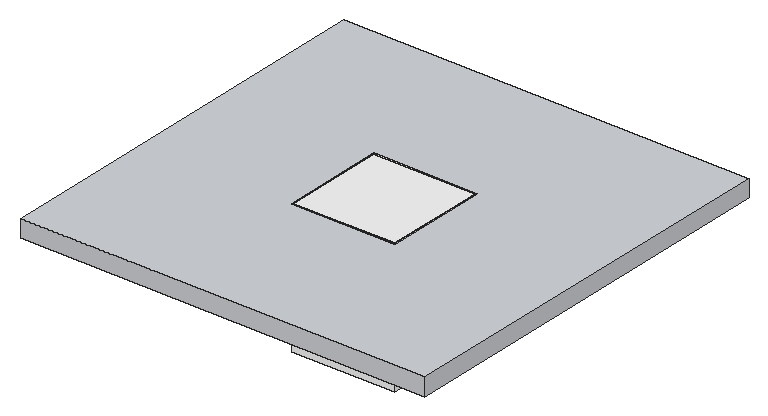
Revit family
Parameters (values of type "F1570A")
  WFU = 0
  URL = "WWW.MIFAB.COM"
  Top Width = 24.000"
  Top Length = 24.000"
  Pipe Radius = 1.000"
  Pipe Diameter = Pipe Radius * 2  # 2.000"
  Model = "F1570"
  Manufacturer = "MIFAB"
  Floor Drain Material = Paint - Sherwin Williams Paint - #952C2A - Bellwood Red
  Description = "24\" x 24\" HEAVY DUTY PARKING AREA CATCH BASIN"
  Default Elevation = 0.000"
  Body Height = 18.000"
  Assembly Code = ""
Types (6): name | Pipe Radius | Pipe Diameter | Body Height
  (no name) | 1.000" | 2.000" | 18.000"
  F1570A | 1.000" | 2.000" | 18.000"
  F1570B | 1.500" | 3.000" | 24.000"
  F1570C | 2.000" | 4.000" | 30.000"
  F1570D | 3.000" | 6.000" | 36.000"
  F1570E | 3.000" | 6.000" | 36.000"
Reference planes (in)
  plane 1 "Center (Front/Back)": y = 0
  plane 2: z = 0
  plane 3 "Center (Left/Right)": x = 0
  plane 4: z = -2
  plane 5: z = -1
  plane 6: z = -13.5
  plane 7: z = -31.5
  plane 8: x = -12
  plane 9: x = 12
  plane 10: y = 12
  plane 11: y = -12
  plane 12: z = -12.5
  plane 13: z = -1.5
Forms (in)
  Extrusion 1, solid
    sketch origin (0, 0, 0) x (1, 0, 0) y (0, 1, 0)
      loop
        line (-48, 48) -> (-48, -48) -> (48, -48) -> (48, 48) -> (-48, 48)
    from 0 to -4.1699
  Sweep 2, solid, material "Paint - Sherwin Williams Paint - #952C2A - Bellwood Red" <- "Floor Drain Material"
    path origin (0, 0, 0) x (1, 0, 0) y (0, 1, 0)
      loop
        line (-12, 12) -> (-12, -12) -> (12, -12) -> (12, 12) -> (-12, 12)
    profile origin (-12, 0, 0) x (-1, 0, 0) y (0, 0, 1)
      loop
        line (0.125, 0) -> (0.125, -1.5) -> (-0.875, -1.5) -> (-0.875, -1.625) -> (0, -1.625) -> (0, -2.5) -> (0.125, -2.5) -> (0.125, -31.5) -> (0.25, -31.5) -> (0.25, -4) -> (0.375, -4) -> (0.375, -2.125) -> (2.25, -2.125) -> (2.25, -2) -> (0.25, -2) -> (0.25, 0) -> (0.125, 0)
  Extrusion 3, solid, material "Paint - Sherwin Williams Paint - #952C2A - Bellwood Red" <- "Floor Drain Material"
    sketch origin (0, 0, 0) x (1, 0, 0) y (0, 1, 0)
      loop
        line (-12, 12) -> (-12, -12) -> (12, -12) -> (12, 12) -> (-12, 12)
    from -1.5 to 0
  Extrusion 4, solid, material "Paint - Sherwin Williams Paint - #952C2A - Bellwood Red" <- "Floor Drain Material"
    sketch origin (-5.8, -180, -31.5) x (-1, 0, 0) y (0, -1, 0)
      loop
        line (6.325, -192.125) -> (6.325, -167.875) -> (-17.925, -167.875) -> (-17.925, -192.125) -> (6.325, -192.125)
    from 0 to 0.125
  Revolve 5, solid, material "Paint - Sherwin Williams Paint - #952C2A - Bellwood Red" <- "Floor Drain Material"
    sketch origin (0, 0, 0) x (1, 0, 0) y (0, 0, 1)
      loop
        line (-13.2, -12.5) -> (-12.25, -12.5) -> (-12.25, -12.3) -> (-13.2, -12.3) -> (-13.2, -12.5)
      loop
        line (13.2, -12.5) -> (13.2, -12.3) -> (12.25, -12.3) -> (12.25, -12.5) -> (13.2, -12.5)
      axis (-13.2, -13.5) -> (13.2, -13.5)
    angle from 0 to 360
Cuts and joins
  joined: Sweep 2, Extrusion 4, Revolve 5
Lines and regions (in)
  symbolic lines
    curve 1: line (-12.25, 12.25, 0) -> (12.25, 12.25, 0)
    curve 2: line (-12.25, -12.25, 0) -> (-12.25, 12.25, 0)
    curve 3: line (12.25, -12.25, 0) -> (-12.25, -12.25, 0)
    curve 4: line (12.25, 12.25, 0) -> (12.25, -12.25, 0)
    curve 5: line (-12, 12, 0) -> (12, 12, 0)
    curve 6: line (-12, -12, 0) -> (-12, 12, 0)
    curve 7: line (12, -12, 0) -> (-12, -12, 0)
    curve 8: line (12, 12, 0) -> (12, -12, 0)
    curve 9: line (-12.125, 12.125, 0) -> (12.125, 12.125, 0)
    curve 10: line (-12.125, -12.125, 0) -> (-12.125, 12.125, 0)
    curve 11: line (12.125, -12.125, 0) -> (-12.125, -12.125, 0)
    curve 12: line (12.125, 12.125, 0) -> (12.125, -12.125, 0)
    curve 13: line (13.2, 3.2, 0) -> (12.25, 3.2, 0)
    curve 14: line (13.2, 3.2, 0) -> (13.2, -3.2, 0)
    curve 15: line (13.2, -3.2, 0) -> (12.25, -3.2, 0)
    curve 16: line (-13.2, -3.2, 0) -> (-12.25, -3.2, 0)
    curve 17: line (-13.2, 3.2, 0) -> (-12.25, 3.2, 0)
    curve 18: line (-13.2, 3.2, 0) -> (-13.2, -3.2, 0)
Dimensions and locks (in)
  Extrusion 1 to plane 6 = 13.500"  (x2)
  "Body Height": plane 6 to plane 7
  equal spacing: plane 11, plane 1 "Center (Front/Back)", plane 10
  "Top Length": plane 11 to plane 10
  equal spacing: plane 8, plane 3 "Center (Left/Right)", plane 9
  "Top Width": plane 8 to plane 9
  "Pipe Radius": plane 12 to plane 6
  locked: Revolve 5 sketch curve to cut or joined group of Sweep 2, Extrusion 4, Revolve 5 at 0.95  (x2)
  locked: Revolve 5 sketch curve to plane 12 at 0.2  (x2)
  Sweep 2 sketch curve to Sweep 2 sketch curve = 2.000"
  Extrusion 1 to plane 13 = 1.500"
  locked: Sweep 2 sketch curve to Sweep 2 sketch curve at 1
  locked: plane 13 to Sweep 2 sketch curve at 1
  aligned and locked: plane 2 to Extrusion 1
  aligned and locked: level to Extrusion 1
  aligned and locked: plane 10 to Sweep 2 sketch curve
  aligned and locked: plane 11 to Sweep 2 sketch curve
  aligned and locked: Sweep 2 sketch curve to plane 9
  aligned and locked: Sweep 2 sketch curve to plane 8
  aligned and locked: Extrusion 3 sketch curve to cut or joined group of Sweep 2, Extrusion 4, Revolve 5  (x4)
  aligned and locked: level to Extrusion 3
  aligned and locked: Extrusion 4 sketch curve to cut or joined group of Sweep 2, Extrusion 4, Revolve 5  (x4)
  aligned and locked: Extrusion 4 to plane 7
  aligned and locked: plane 7 to Sweep 2 sketch curve
  aligned and locked: Revolve 5 sketch curve to plane 12  (x2)
  aligned and locked: cut or joined group of Sweep 2, Extrusion 4, Revolve 5 to Revolve 5 sketch curve
  aligned and locked: Revolve 5 sketch curve to cut or joined group of Sweep 2, Extrusion 4, Revolve 5
  aligned and locked: Revolve 5 sketch curve to plane 6
  aligned and locked: Extrusion 3 to plane 13
  aligned and locked: plane 13 to Sweep 2 sketch curve
  aligned and locked: curve 13 to cut or joined group of Sweep 2, Extrusion 4, Revolve 5
  aligned and locked: curve 16 to cut or joined group of Sweep 2, Extrusion 4, Revolve 5
  aligned and locked: curve 17 to cut or joined group of Sweep 2, Extrusion 4, Revolve 5
Automatic sketch dimensions
  Extrusion 1 sketch curve to Extrusion 1 sketch curve = 96.000"  (x2)
  Sweep 2 sketch curve to profile plane = 0.000"
  Sweep 2 sketch curve to level = 0.000"
  Sweep 2 sketch curve to plane 4 = 0.000"
  Sweep 2 sketch curve to profile plane = 0.125"  (x2)
  Sweep 2 sketch curve to profile plane = 0.250"
  Sweep 2 sketch curve to Sweep 2 sketch curve = 0.125"  (x3)
  Sweep 2 sketch curve to plane 4 = 0.125"
  Sweep 2 sketch curve to Sweep 2 sketch curve = 1.875"
  Revolve 5 sketch curve to plane 3 "Center (Left/Right)" = 0.500"
  plane 3 "Center (Left/Right)" to Revolve 5 sketch curve = 0.500"
  curve 7 to plane 8 = 0.000"
  curve 5 to plane 9 = 0.000"
  curve 8 to plane 11 = 0.000"
  plane 10 to curve 5 = 0.000"
  plane 8 to curve 9 = 0.125"
  plane 9 to curve 9 = 0.125"
  curve 11 to curve 4 = 0.125"
  curve 11 to plane 11 = 0.125"
  curve 4 to curve 11 = 0.125"
  plane 1 "Center (Front/Back)" to curve 15 = 3.200"
  plane 1 "Center (Front/Back)" to curve 18 = 3.200"
  curve 13 to plane 1 "Center (Front/Back)" = 3.200"
  curve 9 to plane 10 = 0.125"
  curve 9 to curve 2 = 0.125"
  curve 3 to curve 10 = 0.125"
  curve 17 to plane 1 "Center (Front/Back)" = 3.200"
Connectors (in)
  piping at (13.2, 0, -13.5), driven by "Pipe Radius", driven by "WFU"
    settings: on cut or joined group of Sweep 2, Extrusion 4, Revolve 5, index 1, connector radius 1", flow factor 0, pipe flow 0 GPM, pressure drop 0.00 psi, fitting loss kfactor 0, connector angle 0.00°, fixture units 0, flow configuration 3, flow direction 2, fitting loss method 0, system type 16, connector reference index -1, connector utility 0, adjustable connector no, is connector primary yes, fitting loss table "", connector description "Sanitary Out"
  piping at (-13.2, 0, -13.5), driven by "Pipe Radius", driven by "WFU"
    settings: on cut or joined group of Sweep 2, Extrusion 4, Revolve 5, index 2, connector radius 1", flow factor 0, pipe flow 0 GPM, pressure drop 0.00 psi, fitting loss kfactor 0, connector angle 0.00°, fixture units 0, flow configuration 3, flow direction 2, fitting loss method 0, system type 16, connector reference index -1, connector utility 0, adjustable connector no, is connector primary no, fitting loss table "", connector description "Sanitary Out"
